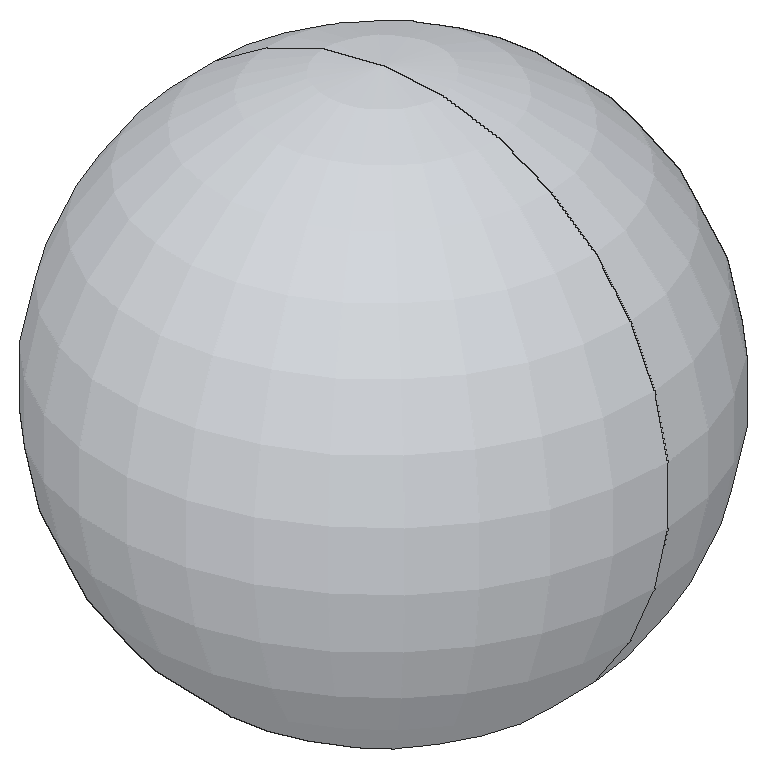
Revit family "R24_1 point_content", category Generic Models, Revit 2024
Family settings
  Can host rebar = No
  Round Connector Dimension = Use Diameter
  Part Type = Undefined
  Always vertical = No
  Cut with Voids When Loaded = No
  Maintain Annotation Orientation = No
  Shared = Yes
  Room Calculation Point = No
Parameters (values of type "1 point_other")
  Visible spheer = yes
  Visible Center Point = yes
  Type Comments = "KW"
  R spheer = 10 mm
  H [instance] = 0 mm
  Default Elevation = 0 mm
  Visible Circle = yes
  Cal_H [instance] = 5000 mm + H  # 5000 mm
Reference planes
  plane 1 "Center (Front/Back)": y = 0
  plane 2 "Center (Left/Right)": x = 0
  plane 3 "H": z = 0
  plane 4: z = -5000
Lines and regions (mm)
  model lines
    curve 1: circle (0, 0, 0) r 10 normal (0, 0, -1)
Dimensions and locks
  "Cal_H": plane 4 to plane 3 "H"
  locked: plane 4 to level at 5000
  aligned and locked: plane 3 "H" to reference point
  aligned and locked: plane 2 "Center (Left/Right)" to reference point
  aligned and locked: plane 1 "Center (Front/Back)" to reference point
  aligned and locked: plane 2 "Center (Left/Right)" to nested 1
  aligned and locked: nested 1 to plane 1 "Center (Front/Back)"
Automatic sketch dimensions
  curve 1 to plane 1 "Center (Front/Back)" = 0 mm
  curve 1 to plane 2 "Center (Left/Right)" = 0 mm
  radius of curve 1 = 10 mm
Nested families
  nested 1: "spheer" at (0, 0, 0), visible <- "Visible spheer", type "spheer"
    with R 10 mm
Definition of nested family "spheer"
  Parameters
    R = 60 mm
    Default Elevation = 1219.2 mm
  Reference planes
    plane 1 "Center (Front/Back)": y = 0
    plane 2: z = 0
    plane 3 "Center (Left/Right)": x = 0
    plane 4: z = 60
    plane 5: z = -60
  Forms (mm)
    Revolve 1, solid
      sketch origin (0, 0, 0) x (1, 0, 0) y (0, 0, 1)
        loop
          arc (0, -60) -> (60, 0) -> (0, 60) r 60
          line (0, 60) -> (0, -60)
        axis (0, -60) -> (0, 60)
      angle from 0 to 360
  Dimensions and locks
    equal spacing: plane 4, level, plane 5
    "R": plane 4 to level
    "R": radius of Revolve 1 sketch curve
    aligned and locked: level to plane 2
  Automatic sketch dimensions
    Revolve 1 sketch curve to plane 3 "Center (Left/Right)" = 0 mm  (x2)
    Revolve 1 sketch curve to level = 0 mm
    Revolve 1 sketch curve to plane 5 = 0 mm
    plane 4 to Revolve 1 sketch curve = 205 mm
